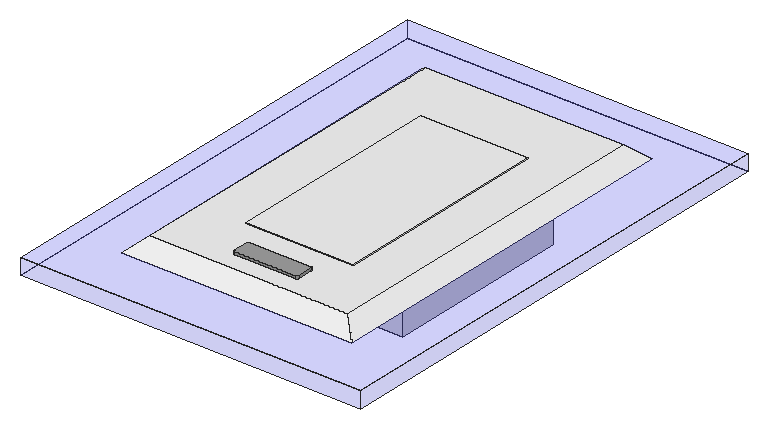
Revit family "MP-MFC (US)", category Generic Models, host Face, Revit 2015
Parameters
  Width = 2.75"
  Weight Product = 0.2
  Product Page URL = "https://www.qsc.com/systems/products/mixers/mp-m-series/mp-mfc-controller/"
  Product Documentation Link = "https://www.qsc.com/resource-files/productresources/mix/mp-m_series/q_mix_mp_mfc_specs.pdf"
  Material = Plastic, Opaque White
  Manufacturer URL = "www.qsc.com"
  Manufacturer = "QSC"
  Height = 4.50"
  Description = "wall mount controller for MP-M Series mixers"
  Depth = 1.39844"
  Default Elevation = 48.00"
Reference planes (in)
  plane 1 "Center (Front/Back)": y = 0
  plane 2: z = 0
  plane 3 "Center (Left/Right)": x = 0
Forms (in)
  Extrusion 1, solid, material "Glass"
    sketch origin (0.0625, 0, 0) x (1, 0, 0) y (0, 1, 0)
      loop
        line (-2.125, 2.89081) -> (-2.125, -2.91466) -> (1.96017, -2.91466) -> (1.96017, 2.89081) -> (-2.125, 2.89081)
    from 0 to -0.2
  Blend 2, solid, material "Plastic, Opaque White" <- "Material"
    base sketch origin (0, 48, 0.35004) x (0, -1, 0) y (1, 0, 0)
      loop
        line (50.25, 1.375) -> (45.75, 1.375) -> (45.75, -1.375) -> (50.25, -1.375) -> (50.25, 1.375)
    top sketch origin (0, 48, 0.35004) x (0, -1, 0) y (1, 0, 0)
      loop
        line (50.0625, 1.1875) -> (45.9375, 1.1875) -> (45.9375, -1.1875) -> (50.0625, -1.1875) -> (50.0625, 1.1875)
    from -0.35004 to -0.1875
  Extrusion 3, solid, material "Plastic, Opaque White"
    sketch origin (0, 48.26232, -2.64996) x (1, 0, 0) y (0, 0, 1)
      loop
        line (-0.885, 2.64996) -> (-0.885, 1.93) -> (0.885, 1.93) -> (0.885, 2.64996) -> (-0.885, 2.64996)
    from 46.87575 to 49.1215
  Extrusion 4, solid, material "Plastic, Opaque White"
    sketch origin (0, 48, 0.35004) x (0, -1, 0) y (1, 0, 0)
      loop
        line (49.31, 0.645) -> (46.69, 0.645) -> (46.69, -0.645) -> (49.31, -0.645) -> (49.31, 0.645)
    from -0.1875 to -0.25
  Extrusion 5, void
    sketch origin (-0.68739, 48.26232, -2.65387) x (1, 0, 0) y (0, 0, 1)
      loop
        line (0.19012, 2.22399) -> (0.19012, 2.00537) -> (0.55319, 2.00537) -> (0.55319, 2.22399) -> (0.19012, 2.22399)
    from 49.0451 to 54.39245
  Blend 6, solid, material "Plastic, Opaque White" <- "Material", not visible
    base sketch origin (0, 3, -45.67008) x (1, 0, 0) y (0, 0, 1)
      loop
        line (1.375, 50.25) -> (-1.375, 50.25) -> (-1.375, 45.75) -> (1.375, 45.75) -> (1.375, 50.25)
    top sketch origin (0, 3, -45.67008) x (1, 0, 0) y (0, 0, 1)
      loop
        line (1.1875, 50.0625) -> (-1.1875, 50.0625) -> (-1.1875, 45.9375) -> (1.1875, 45.9375) -> (1.1875, 50.0625)
    from -0.41684 to -0.1875
  Extrusion 7, solid, material "Plastic, Opaque White", not visible
    sketch origin (-0.14221, 0, -45.9324) x (1, 0, 0) y (0, 1, 0)
      loop
        line (-0.885, 2.64996) -> (-0.885, 1.93) -> (0.885, 1.93) -> (0.885, 2.64996) -> (-0.885, 2.64996)
    from 46.87575 to 49.1215
  Extrusion 8, solid, material "Plastic, Opaque White", not visible
    sketch origin (0, 3, -45.67008) x (1, 0, 0) y (0, 0, 1)
      loop
        line (0.645, 49.31) -> (-0.645, 49.31) -> (-0.645, 46.69) -> (0.645, 46.69) -> (0.645, 49.31)
    from -0.1875 to -0.25
  Extrusion 9, void, not visible
    sketch origin (-0.14221, 0, -45.9324) x (1, 0, 0) y (0, 1, 0)
      loop
        line (0.19012, 2.22399) -> (0.19012, 2.00537) -> (0.55319, 2.00537) -> (0.55319, 2.22399) -> (0.19012, 2.22399)
    from 49.0451 to 53.21662
  Extrusion 10, void, not visible
    sketch origin (-0.8296, -0.0039, -45.9324) x (1, 0, 0) y (0, 1, 0)
      loop
        line (0.19012, 2.22399) -> (0.19012, 2.00537) -> (0.55319, 2.00537) -> (0.55319, 2.22399) -> (0.19012, 2.22399)
    from 49.0451 to 54.39245
  Extrusion 11, void
    sketch origin (0.68739, 48.26232, -2.65387) x (-1, 0, 0) y (0, 0, -1)
      loop
        line (0.19012, -2.22399) -> (0.55319, -2.22399) -> (0.55319, -2.00537) -> (0.19012, -2.00537) -> (0.19012, -2.22399)
    from 49.0451 to 54.39245
Cuts and joins
  Extrusion 5, Extrusion 11 cuts Extrusion 3
Dimensions and locks (in)
  aligned and locked: plane 2 to Extrusion 1
  aligned and locked: level to Extrusion 1
Nested families (in)
  nested 1: "QSC Logo" at (-0.67073, -3.06, 0.16254), type "QSC Logo"
  nested 2: "QSC Logo" at (-0.82654, 2.75, 5.34224) x (1, 0, 0) z (0, 1, 0), type "QSC Logo", not visible
Connectors (in)
  electrical at (-0.31574, -0.78278, -0.53919)
    settings: on cut or joined group of Extrusion 3, Extrusion 5, Extrusion 11, index 1, voltage 0 V, apparent load 0 VA, apparent load phase1 0 VA, apparent load phase2 0 VA, apparent load phase3 0 VA, power factor 1, load classification "Other", number of poles 1, system type 14, power factor state 1, is connector primary yes, connector utility no, sub classification motor no, connector description "MFC"
  electrical at (0.31574, -0.78278, -0.53919)
    settings: on cut or joined group of Extrusion 3, Extrusion 5, Extrusion 11, index 2, voltage 0 V, apparent load 0 VA, apparent load phase1 0 VA, apparent load phase2 0 VA, apparent load phase3 0 VA, power factor 1, load classification "Other", number of poles 1, system type 14, power factor state 1, is connector primary no, connector utility no, sub classification motor no, connector description "MFC (Chain)"
Definition of nested family "QSC Logo"
  Parameters (values of type "QSC Logo")
    Default Elevation = 48.00"
  Reference planes (in)
    plane 1 "Center (Front/Back)": y = 0
    plane 2: z = 0
    plane 3 "Center (Left/Right)": x = 0
  Forms (in)
    Extrusion 1, solid
      sketch origin (0, 0, 0) x (1, 0, 0) y (0, 1, 0)
        loop
          line (-48, 48) -> (-48, -48) -> (48, -48) -> (48, 48) -> (-48, 48)
      from 0 to -12
    Extrusion 2, solid
      sketch origin (0, 0, 0) x (1, 0, 0) y (0, 1, 0)
        loop
          arc (0.32475, 1.43636) -> (0.31061, 1.4305) -> (0.30475, 1.41636) r 0.02
          line (0.30475, 1.41636) -> (0.30475, 1.23828)
          arc (0.30475, 1.23828) -> (0.31061, 1.22413) -> (0.32475, 1.21828) r 0.02
          line (0.32475, 1.21828) -> (1.05893, 1.21828)
          arc (1.05893, 1.21828) -> (1.07307, 1.22413) -> (1.07893, 1.23828) r 0.02
          line (1.07893, 1.23828) -> (1.07893, 1.41636)
          arc (1.07893, 1.41636) -> (1.07307, 1.4305) -> (1.05893, 1.43636) r 0.02
          line (1.05893, 1.43636) -> (0.32475, 1.43636)
      from 0 to 0.03125
  Lines and regions (in)
    reference lines, not visible
      curve 1: line (7.46129, -1.68384, 0) -> (8.03516, -1.68384, 0)
      curve 2: line (7.46129, -1.68384, 0) -> (8.03516, -1.68384, 0)
      curve 3: line (7.60221, -1.69939, 0) -> (7.57915, -1.64864, 0)
      curve 4: line (7.60221, -1.73876, 0) -> (7.5741, -1.62892, 0)
      curve 5: line (7.57915, -1.64864, 0) -> (7.60221, -1.69939, 0)
      curve 6: line (7.5741, -1.62892, 0) -> (7.60221, -1.73876, 0)
      curve 7: line (7.73833, -1.68384, 0) -> (7.76643, -1.66928, 0)
      curve 8: line (7.73833, -1.68384, 0) -> (7.76643, -1.66928, 0)
      curve 9: line (7.84773, -1.67913, 0) -> (7.88776, -1.67913, 0)
      curve 10: line (7.84773, -1.67913, 0) -> (7.88776, -1.67913, 0)
    model lines
      curve 11: line (0.73885, 1.29038, 0.03125) -> (0.68134, 1.36615, 0.03125)
      curve 12: line (0.68134, 1.36615, 0.03125) -> (0.73885, 1.29038, 0.03125)
      curve 13: line (0.47284, 1.29984, 0.03125) -> (0.49456, 1.378, 0.03125)
      curve 14: line (0.49456, 1.378, 0.03125) -> (0.47284, 1.29984, 0.03125)
      curve 15: line (0.50913, 1.24809, 0.03125) -> (0.49291, 1.39273, 0.03125)
      curve 16: line (0.49291, 1.39273, 0.03125) -> (0.50913, 1.24809, 0.03125)
      curve 17: line (0.81586, 1.34929, 0.03125) -> (0.86714, 1.31161, 0.03125)
      curve 18: line (0.86714, 1.31161, 0.03125) -> (0.81586, 1.34929, 0.03125)
  Text (in)
    text "42T" at (-0.70074, 1.3121, 0), in view "Ref. Level"
    text "81Tw" at (-0.70074, 0.6721, 0), in view "Ref. Level"
    text "52T" at (-0.70074, -0.18312, 0), in view "Ref. Level"
    text "52ST" at (-0.70074, -1.16409, 0), in view "Ref. Level"
  Dimensions and locks (in)
    aligned and locked: plane 2 to Extrusion 1
    aligned and locked: level to Extrusion 1
